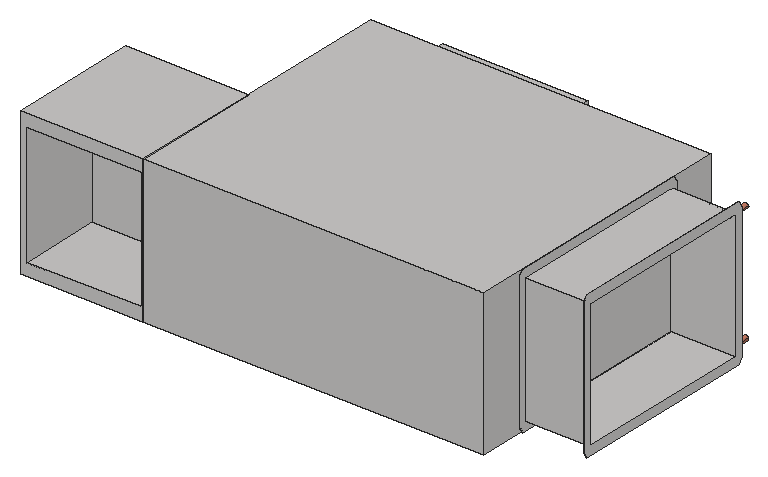
Revit family
Parameters
  Width = 3' - 3"
  Voltage = 277 V
  Unit Weight = if(Number of Rows = 1, "272.0 lbs", if(Number of Rows = 2, "277.0 lbs", "0"))  # "272.0 lbs"
  UltraLoc Liner = Choose Liner Option = 3  # no
  URL = "http://www.titus-hvac.com/"
  UL = "181"
  Supply Air Flow [instance] = 0 CFM
  SteriLoc Liner = Choose Liner Option = 2  # no
  Secondary Material = Copper Connectors
  Primary Air Pressure Drop [instance] = 0.00 in-wg
  Primary Air Flow [instance] = 0 CFM
  Pressure [instance] = 0.00 psi
  Plenum Air Pressure Drop [instance] = 0.00 in-wg
  Plenum Air Flow [instance] = 0 CFM
  Outlet Width = 2' - 1"
  Outlet Height = 1' - 5 1/2"
  Number of Rows = 1
  Number of Poles = 1
  Nominal Width = Width + 0' 6 1/4"  # 3' - 9 1/4"
  Nominal Length = Length + 1' 4 7/8" + 0' 9"  # 6' - 0 5/8"
  Nominal Inlet Size = 1' - 0"
  Nominal Height = 1' - 8"
  NFPA = "90A"
  Motor Full Load Amps [instance] = 4.5 A
  Model = "DTFS-F"
  Min. Air Flow = 0 CFM
  Max. Air Flow = 2000 CFM
  Material = Galvanized Steel
  Manufacturer = "Titus"
  Length = 3' - 10 3/4"
  Juction Box Offset = 0' - 4 7/8"
  Inlet Diameter = Nominal Inlet Size - 0' 0 1/8"  # 0' - 11 7/8"
  Induced Air Inlet Width = 1' - 4 7/8"
  Induced Air Inlet Offset = (Nominal Height - Induced Air Inlet Connection Height) / 2  # 0' - 1 11/16"
  Induced Air Inlet Height = 1' - 6 1/8"
  Induced Air Inlet Connection Width = 1' - 3 3/4"
  Induced Air Inlet Connection Height = 1' - 4 5/8"
  Induced Air Filter = no
  Heating Total Capacity [instance] = 0 Btu/h
  Heating Entering Water Temp = 0 °F
  Half Outlet Width = 1' - 0 1/2"
  Half Outlet Connection Width = Outlet Width / 2  # 1' - 0 1/2"
  Half Outlet Connection Height = Outlet Height / 2  # 0' - 8 3/4"
  Half Height Start = -(Nominal Height / 2)  # -0' - 10"
  Half Height End = Nominal Height / 2  # 0' - 10"
  HWC Option = HWC Section : D-E - 1 Row
  HWC Connector Radius = 5/16"
  HWC Connector Length = 0' - 3"
  HP-Motor = "3/4"
  Gallons Per Minute [instance] = 0 GPM
  Frequency = 60 Hz
  Flange Offset = 0' - 1 1/4"
  Filter Size = "18\"x17\""
  Fiber Free Liner = Choose Liner Option = 1  # no
  Fan Disconnect Switch = no
  Duct Radius = Nominal Inlet Size / 2  # 0' - 6"
  Description = "Ultra Quiet Series Fan Powered Terminal Unit, Direct Digital Control, Pressure Independent"
  Connector Vertical Offset = if(Number of Rows = 1, 1' 4 1/4", if(Number of Rows = 2, 1' 4 3/4", 0' 0"))  # 1' - 4 1/4"
  Connector Horizontal Offset = if(Number of Rows = 1, 0' 0", if(Number of Rows = 2, 0' 1", 0' 0"))  # 0' - 0"
  Connection Void Radius = Connection Radius - 0' 0 1/4"  # 0' - 5 11/16"
  Connection Radius = Inlet Diameter / 2  # 0' - 5 15/16"
  Choose Liner Option = 0
  CADworks URL = "www.CADworks.net"
  Assembly Code = "D3040100"
  Apparent Power [instance] = Voltage * Motor Full Load Amps  # 1246.5 VA
  Air Inlet Offset = 0' - 8"
  1/2" Fiberglass Liner = Choose Liner Option = 0  # yes
  1" Fiberglass Liner = Choose Liner Option = 4  # no
Reference planes (in)
  plane 1 "Center (Front/Back)": y = 0
  plane 2: z = 0
  plane 3 "Center (Left/Right)": x = 3
  plane 4: x = -20.375
  plane 5: x = 26.375
  plane 6: x = -15.5
  plane 7: x = -23.75
  plane 8 "Center (Elevation)": z = 0
  plane 9: y = -19.5
  plane 10: y = 19.5
  plane 11: y = 11.5
  plane 12: y = -8.25
  plane 13: z = 0.6875
  plane 14: z = -6.875
  plane 15: x = 35.375
  plane 16: x = 34.375
  plane 17: x = 34.375
  plane 18: y = 15.5
  plane 19: z = -8.125
  plane 20: z = 8.125
  plane 21: y = -12.5
  plane 22: y = 12.5
  plane 23: z = 10
  plane 24: z = -10
  plane 25: y = 25.75
  plane 26: x = -37.25
Forms (in)
  Extrusion 1, solid, material "Galvanized Steel" <- "Material"
    sketch origin (0, 0, 0) x (1, 0, 0) y (0, 1, 0)
      loop
        line (-20.375, 19.5) -> (-20.375, -19.5) -> (26.375, -19.5) -> (26.375, 19.5) -> (-20.375, 19.5)
    from -10 <- "Half Height Start" to 10 <- "Half Height End"
  Extrusion 2, solid, material "Galvanized Steel" <- "Material"
    sketch origin (0, 0, 0) x (1, 0, 0) y (0, 1, 0)
      loop
        line (-37.25, -1.375) -> (-37.25, -19.5) -> (-20.375, -19.5) -> (-20.375, -1.375) -> (-37.25, -1.375)
    from -10 <- "Half Height Start" to 10 <- "Half Height End"
  Extrusion 3, void, detail levels fine
    sketch origin (0, -19.5, 0) x (1, 0, 0) y (0, 0, -1)
      loop
        line (-20.625, 8.3125) -> (-36.375, 8.3125) -> (-36.375, -8.3125) -> (-20.625, -8.3125) -> (-20.625, 8.3125)
    from 0 to 11.25
  Extrusion 4, solid, material "Galvanized Steel" <- "Material"
    sketch origin (3.125, 0, 0) x (1, 0, 0) y (0, 1, 0)
      loop
        line (-18.625, 19.5) -> (1.375, 19.5) -> (1.375, 25.75) -> (-18.625, 25.75) -> (-18.625, 19.5)
    from -6 to 6
  Extrusion 5, solid, material "Galvanized Steel" <- "Material"
    sketch origin (-24.875, -3, 0) x (0, 0, -1) y (0, 1, 0)
      loop
        circle (0, 14.5) r 5.9375
    from 1.125 to 4.5
  Extrusion 6, void, detail levels fine
    sketch origin (-24.875, 0, 0) x (0, 1, 0) y (0, 0, 1)
      loop
        circle (11.5, 0) r 5.6875
    from 1.125 to 9.375
  Extrusion 7, void, detail levels fine
    sketch origin (35.375, -12.5, 8.75) x (0, 0, 1) y (0, -1, 0)
      loop
        line (-17.5, 0) -> (-17.5, -25) -> (0, -25) -> (0, 0) -> (-17.5, 0)
    from -0.0625 to 0
  Extrusion 8, solid, material "Copper Connectors" <- "Secondary Material", detail levels fine
    sketch origin (0, 0, 0) x (1, 0, 0) y (0, 0, 1)
      loop
        circle (34.375, 8.125) r 0.3125
    from -15.5 to -12.5625
  Extrusion 9, solid, material "Copper Connectors" <- "Secondary Material", detail levels fine
    sketch origin (0, 0, 0) x (1, 0, 0) y (0, 0, 1)
      loop
        circle (34.375, -8.125) r 0.3125
    from -15.5 to -12.5625
Cuts and joins
  Extrusion 3 cuts Extrusion 2
  Extrusion 6 cuts Extrusion 1
  Extrusion 6 cuts Extrusion 5
Dimensions and locks (in)
  "Length": plane 5 to plane 4
  equal spacing: plane 5, plane 3 "Center (Left/Right)", plane 4
  locked: Extrusion 4 to Extrusion 4 at 20
  "Juction Box Offset": plane 6 to plane 4
  locked: plane 4 to plane 7 at 3.375
  "Width": plane 9 to plane 10
  equal spacing: plane 9, plane 1 "Center (Front/Back)", plane 10
  locked: Extrusion 5 sketch curve to level at 0
  locked: Extrusion 5 sketch curve to plane 11 at 0
  locked: Extrusion 6 sketch curve to level at 0
  locked: Extrusion 6 sketch curve to plane 11 at 0
  locked: Extrusion 4 to Extrusion 4 at 6.25
  locked: Extrusion 4 to Extrusion 4 at 12
  equal spacing: Extrusion 4, plane 8 "Center (Elevation)", Extrusion 4
  locked: plane 12 to plane 9 at 11.25
  "Air Inlet Offset": plane 10 to plane 11
  "Induced Air Inlet Height": cut or joined group of Extrusion 2, Extrusion 3 to cut or joined group of Extrusion 2, Extrusion 3
  locked: cut or joined group of Extrusion 5, Extrusion 6 to cut or joined group of Extrusion 5, Extrusion 6 at 3.375
  locked: plane 12 to plane 12 at 0
  "Induced Air Inlet Connection Height": Extrusion 3 sketch curve to Extrusion 3 sketch curve
  "Induced Air Inlet Offset": Extrusion 3 sketch curve to cut or joined group of Extrusion 2, Extrusion 3
  "Induced Air Inlet Connection Width": Extrusion 3 sketch curve to Extrusion 3 sketch curve
  locked: Extrusion 3 sketch curve to cut or joined group of Extrusion 1, Extrusion 6 at 0.25
  "Connector Vertical Offset": plane 20 to plane 19
  equal spacing: plane 20, plane 8 "Center (Elevation)", plane 19
  locked: plane 15 to plane 5 at 9
  locked: plane 15 to plane 16 at 1
  "Connector Horizontal Offset": plane 16 to plane 17
  locked: Extrusion 8 sketch curve to plane 17 at 0
  locked: Extrusion 8 sketch curve to plane 20 at 0
  locked: Extrusion 9 sketch curve to plane 16 at 0
  locked: Extrusion 9 sketch curve to plane 19 at 0
  "HWC Connector Length": plane 18 to plane 22
  locked: cut or joined group of Extrusion 1, Extrusion 6 to Extrusion 7 at 9
  locked: cut or joined group of Extrusion 2, Extrusion 3 to cut or joined group of Extrusion 2, Extrusion 3 at 16.875
  locked: cut or joined group of Extrusion 2, Extrusion 3 to cut or joined group of Extrusion 2, Extrusion 3 at 20
  equal spacing: cut or joined group of Extrusion 2, Extrusion 3, plane 8 "Center (Elevation)", cut or joined group of Extrusion 2, Extrusion 3
  locked: cut or joined group of Extrusion 1, Extrusion 6 to cut or joined group of Extrusion 1, Extrusion 6 at 20
  equal spacing: cut or joined group of Extrusion 1, Extrusion 6, plane 8 "Center (Elevation)", cut or joined group of Extrusion 1, Extrusion 6
  locked: nested 1 to cut or joined group of Extrusion 1, Extrusion 6 at 1.1875
  locked: cut or joined group of Extrusion 1, Extrusion 6 to nested 1 at 1.1875
  "Connection Radius": radius of Extrusion 5 sketch curve
  "Connection Void Radius": radius of Extrusion 6 sketch curve
  "HWC Connector Radius": radius of Extrusion 8 sketch curve
  "HWC Connector Radius": radius of Extrusion 9 sketch curve
  aligned and locked: plane 10 to Extrusion 4
  aligned and locked: plane 6 to Extrusion 4
  aligned and locked: plane 7 to cut or joined group of Extrusion 5, Extrusion 6
  aligned and locked: plane 18 to Extrusion 8
  aligned and locked: plane 18 to Extrusion 9
  aligned and locked: plane 9 to cut or joined group of Extrusion 2, Extrusion 3  (x3)
  aligned and locked: plane 5 to nested 1
  aligned and locked: plane 15 to nested 1
  aligned and locked: plane 18 to nested 1  (x2)
  aligned and locked: plane 21 to nested 1
  aligned and locked: plane 22 to nested 1
  aligned and locked: plane 5 to cut or joined group of Extrusion 1, Extrusion 6
  aligned and locked: cut or joined group of Extrusion 1, Extrusion 6 to nested 1
  aligned and locked: cut or joined group of Extrusion 1, Extrusion 6 to plane 10
  aligned and locked: Extrusion 4 to cut or joined group of Extrusion 1, Extrusion 6  (x2)
  aligned and locked: cut or joined group of Extrusion 1, Extrusion 6 to plane 4
  aligned and locked: plane 9 to cut or joined group of Extrusion 1, Extrusion 6
  aligned and locked: cut or joined group of Extrusion 5, Extrusion 6 to cut or joined group of Extrusion 1, Extrusion 6
  aligned and locked: nested 1 to cut or joined group of Extrusion 1, Extrusion 6
  aligned and locked: plane 6 to Extrusion 6
  aligned and locked: Extrusion 6 to plane 7
  aligned and locked: Extrusion 3 to plane 12
  aligned and locked: plane 25 to Extrusion 4
  aligned and locked: plane 26 to cut or joined group of Extrusion 2, Extrusion 3
  aligned and locked: plane 23 to cut or joined group of Extrusion 2, Extrusion 3
  aligned and locked: plane 24 to cut or joined group of Extrusion 2, Extrusion 3
  aligned and locked: plane 24 to cut or joined group of Extrusion 1, Extrusion 6
  aligned and locked: plane 23 to cut or joined group of Extrusion 1, Extrusion 6
Automatic sketch dimensions
  Extrusion 1 sketch curve to plane 4 = 0' - 0"
  Extrusion 1 sketch curve to plane 5 = 0' - 0"
  Extrusion 1 sketch curve to plane 9 = 0' - 0"
  Extrusion 1 sketch curve to plane 10 = 0' - 0"
  Extrusion 2 sketch curve to plane 4 = 0' - 0"
  Extrusion 2 sketch curve to plane 9 = 0' - 0"
  plane 1 "Center (Front/Back)" to Extrusion 2 sketch curve = 0' - 1 3/8"
  Extrusion 4 sketch curve to plane 6 = 0' - 0"
  Extrusion 4 sketch curve to plane 10 = 0' - 0"
  plane 3 "Center (Left/Right)" to Extrusion 4 sketch curve = 0' - 1 1/2"
  Extrusion 4 sketch curve to plane 10 = 0' - 6 1/4"
  Extrusion 2 sketch curve to plane 7 = 1' - 1 1/2"
  Extrusion 7 sketch curve to nested 1 = 0' - 0"  (x4)
Nested families (in)
  nested 1: "HWC Section" at (30.875, 0, 0) x (0, 1, 0) z (0, 0, 1), type <- "HWC Option", type "D-E - 1 Row"
Connectors (in)
  electrical at (-5.5, 25.75, 0), driven by "Apparent Power", driven by "Voltage", driven by "Number of Poles"
    settings: on Extrusion 4, index 8
  hvac at (-23.75, 11.5, 0), driven by "Duct Radius", driven by "Primary Air Pressure Drop", driven by "Primary Air Flow"
    settings: on cut or joined group of Extrusion 5, Extrusion 6, index 9
  hvac at (-28.5, -19.5, 0), driven by "Induced Air Inlet Connection Height", driven by "Induced Air Inlet Connection Width", driven by "Plenum Air Pressure Drop", driven by "Plenum Air Flow"
    settings: on cut or joined group of Extrusion 2, Extrusion 3, index 11
  hvac at (35.375, 0, 0), driven by "Outlet Height", driven by "Outlet Width", driven by "Supply Air Flow"
    settings: on Extrusion 7, index 12
  piping at (34.375, 15.5, 8.125), driven by "Gallons Per Minute", driven by "Pressure", driven by "HWC Connector Radius"
    settings: on Extrusion 8, index 13
  piping at (34.375, 15.5, -8.125), driven by "Gallons Per Minute", driven by "HWC Connector Radius", driven by "Pressure"
    settings: on Extrusion 9, index 14
Definition of nested family "HWC Section"
  Parameters (values of type "B-C - 1 Row")
    Visibility = yes
    Secondary Material = Copper Connectors
    Number of Rows = 1
    Material = Galvanized Steel
    Half Width = HWC Width / 2  # 0' - 10 1/4"
    Half Length-Start = -(HWC Length / 2)  # -0' - 4 1/2"
    Half Length-End = HWC Length / 2  # 0' - 4 1/2"
    HWC Connection Radius = 5/16"
    Flange Offset = 0' - 1"
    Duct Vertical Offset = HWC Height - 0' 0 1/2"  # 1' - 0"
    Duct Horizontal Offset = HWC Width - 0' 0 1/2"  # 1' - 8"
    Connector Vertical Offset = 0' - 11 3/4"
    HWC Width = 1' - 8 1/2"
    HWC Height = 1' - 0 1/2"
    HWC Length = 0' - 9"  # constant formula
    Gallons Per Minute = 0 GPM
    Connector Length = 0' - 3"
    Connector Horizontal Offset = 0' - 0"
  Types (5): name | Number of Rows | Half Width | Flange Offset | Duct Vertical Offset | Duct Horizontal Offset | Connector Vertical Offset | HWC Width | HWC Height | Connector Horizontal Offset
    (no name) | 1 | 0' - 10 1/4" | 0' - 1" | 1' - 0" | 1' - 8" | 0' - 11 3/4" | 1' - 8 1/2" | 1' - 0 1/2" | 0' - 0"
    B-C - 1 Row | 1 | 0' - 10 1/4" | 0' - 1" | 1' - 0" | 1' - 8" | 0' - 11 3/4" | 1' - 8 1/2" | 1' - 0 1/2" | 0' - 0"
    B-C - 2 Row | 2 | 0' - 10 1/4" | 0' - 1" | 1' - 0" | 1' - 8" | 0' - 11 3/4" | 1' - 8 1/2" | 1' - 0 1/2" | 0' - 1"
    D-E - 1 Row | 1 | 1' - 0 1/2" | 0' - 1 1/4" | 1' - 5" | 2' - 0 1/2" | 1' - 4 1/4" | 2' - 1" | 1' - 5 1/2" | 0' - 0"
    D-E - 2 Row | 2 | 1' - 0 1/2" | 0' - 1 1/4" | 1' - 5" | 2' - 0 1/2" | 1' - 4 3/4" | 2' - 1" | 1' - 5 1/2" | 0' - 1"
  Reference planes (in)
    plane 1 "Center (Front/Back)": y = 0
    plane 2: z = 0
    plane 3 "Center (Left/Right)": x = 0
    plane 4: x = -10.25
    plane 5: x = 10.25
    plane 6: y = 4.5
    plane 7: y = -4.5
    plane 8: z = 6.25
    plane 9: z = -6.25
    plane 10: z = 5.875
    plane 11: z = -5.875
    plane 12: y = 3.5
    plane 13: y = 3.5
    plane 14: x = 13.25
  Forms (in)
    Extrusion 1, solid, material "Galvanized Steel" <- "Material", visible <- "Visibility"
      sketch origin (0, 0, 0) x (1, 0, 0) y (0, 0, 1)
        loop
          line (-10.3125, 6.3125) -> (-10.3125, -6.3125) -> (10.3125, -6.3125) -> (10.3125, 6.3125) -> (-10.3125, 6.3125)
      from -4.375 <- "Half Length-Start" to 4.5 <- "Half Length-End"
    Extrusion 2, void, detail levels fine
      sketch origin (0, 0, 0) x (1, 0, 0) y (0, 0, 1)
        loop
          line (-10.25, -6.25) -> (10.25, -6.25) -> (10.25, 6.25) -> (-10.25, 6.25) -> (-10.25, -6.25)
      from -4.5 <- "Half Length-Start" to 4.5 <- "Half Length-End"
    Extrusion 3, solid, material "Copper Connectors" <- "Secondary Material", visible <- "Visibility"
      sketch origin (6, 2.625, 0) x (0, 1, 0) y (0, 0, 1)
        loop
          circle (0.875, -5.875) r 0.3125
      from 4.3125 to 7.25
    Extrusion 4, solid, material "Galvanized Steel" <- "Material", visible <- "Visibility"
      sketch origin (0, -4.375, 0) x (1, 0, 0) y (0, 0, 1)
        loop
          line (-10.25, 6.25) -> (-10.25, -6.25) -> (10.25, -6.25) -> (10.25, 6.25) -> (-10.25, 6.25)
        loop
          line (-11.25, 6.75) -> (-11.25, -6.75) -> (-10.75, -7.25) -> (10.75, -7.25) -> (11.25, -6.75) -> (11.25, 6.75) -> (10.75, 7.25) -> (-10.75, 7.25) -> (-11.25, 6.75)
      from 0 to 0.125
    Extrusion 5, solid, material "Copper Connectors" <- "Secondary Material", visible <- "Visibility"
      sketch origin (6, -0.5, 0) x (0, 1, 0) y (0, 0, 1)
        loop
          circle (4, 5.875) r 0.3125
      from 4.3125 to 7.25
    Extrusion 6, solid, material "Galvanized Steel" <- "Material", visible <- "Visibility"
      sketch origin (0, 4.375, 0) x (1, 0, 0) y (0, 0, -1)
        loop
          line (-10.25, -6.25) -> (10.25, -6.25) -> (10.25, 6.25) -> (-10.25, 6.25) -> (-10.25, -6.25)
        loop
          line (-11.25, -6.75) -> (-10.75, -7.25) -> (10.75, -7.25) -> (11.25, -6.75) -> (11.25, 6.75) -> (10.75, 7.25) -> (-10.75, 7.25) -> (-11.25, 6.75) -> (-11.25, -6.75)
      from 0 to 0.125
  Cuts and joins
    Extrusion 2 cuts Extrusion 1
    joined: Extrusion 1, Extrusion 4, Extrusion 6
  Dimensions and locks (in)
    "HWC Width": plane 4 to plane 5
    equal spacing: plane 4, plane 3 "Center (Left/Right)", plane 5
    "HWC Height": plane 8 to plane 9
    equal spacing: plane 8, plane 2, plane 9
    equal spacing: plane 10, plane 2, plane 11
    locked: plane 12 to plane 6 at 1
    "Connector Horizontal Offset": plane 13 to plane 12
    locked: plane 7 to Extrusion 4 at 0.125
    locked: Extrusion 6 to plane 6 at 0.125
    locked: plane 4 to Extrusion 1 sketch curve at 0.0625
    locked: Extrusion 4 to Extrusion 1 sketch curve at 0.0625
    locked: Extrusion 1 sketch curve to plane 8 at 0.0625
    locked: plane 9 to Extrusion 1 sketch curve at 0.0625
    "Connector Length": plane 5 to plane 14
    "HWC Length": plane 6 to plane 7
    equal spacing: plane 6, plane 1 "Center (Front/Back)", plane 7
    "Connector Vertical Offset": plane 10 to plane 11
    equal spacing: plane 10, level, plane 11
    "HWC Width": Extrusion 4 sketch curve to Extrusion 4 sketch curve
    equal spacing: Extrusion 4 sketch curve, plane 3 "Center (Left/Right)", Extrusion 4 sketch curve
    "HWC Height": Extrusion 4 sketch curve to Extrusion 4 sketch curve
    equal spacing: Extrusion 4 sketch curve, plane 2, Extrusion 4 sketch curve
    locked: cut or joined group of Extrusion 1, Extrusion 2, Extrusion 4, Extrusion 6 to plane 4 at 1  (x2)
    locked: cut or joined group of Extrusion 1, Extrusion 2, Extrusion 4, Extrusion 6 to plane 5 at 1  (x2)
    "HWC Width": Extrusion 6 sketch curve to Extrusion 6 sketch curve
    "HWC Height": Extrusion 6 sketch curve to Extrusion 6 sketch curve
    equal spacing: Extrusion 6 sketch curve, plane 3 "Center (Left/Right)", Extrusion 6 sketch curve
    equal spacing: Extrusion 6 sketch curve, plane 2, Extrusion 6 sketch curve
    "HWC Height": Extrusion 2 sketch curve to Extrusion 2 sketch curve
    "HWC Width": Extrusion 2 sketch curve to Extrusion 2 sketch curve
    equal spacing: Extrusion 2 sketch curve, plane 3 "Center (Left/Right)", Extrusion 2 sketch curve
    equal spacing: Extrusion 2 sketch curve, plane 2, Extrusion 2 sketch curve
    locked: plane 5 to Extrusion 3 at 0.0625
    locked: plane 5 to Extrusion 5 at 0.0625
    "Flange Offset": cut or joined group of Extrusion 1, Extrusion 2, Extrusion 4, Extrusion 6 to plane 8
    "Flange Offset": plane 9 to cut or joined group of Extrusion 1, Extrusion 2, Extrusion 4, Extrusion 6
    "Flange Offset": plane 8 to cut or joined group of Extrusion 1, Extrusion 2, Extrusion 4, Extrusion 6
    "Flange Offset": cut or joined group of Extrusion 1, Extrusion 2, Extrusion 4, Extrusion 6 to plane 9
    "HWC Connection Radius": radius of Extrusion 3 sketch curve
    "HWC Connection Radius": radius of Extrusion 5 sketch curve
    aligned and locked: plane 7 to Extrusion 4
    aligned and locked: plane 6 to Extrusion 6
    aligned and locked: plane 14 to Extrusion 5
    aligned and locked: plane 14 to Extrusion 3
    aligned and locked: Extrusion 6 to cut or joined group of Extrusion 1, Extrusion 2, Extrusion 4, Extrusion 6
    aligned and locked: Extrusion 4 to Extrusion 4
  Automatic sketch dimensions
    Extrusion 3 sketch curve to plane 11 = 0' - 0"
    Extrusion 3 sketch curve to plane 12 = 0' - 0"
    Extrusion 5 sketch curve to plane 10 = 0' - 0"
    Extrusion 5 sketch curve to plane 13 = 0' - 0"
    plane 4 to Extrusion 6 sketch curve = 0' - 1"
    plane 4 to Extrusion 6 sketch curve = 0' - 0 1/2"  (x2)
    Extrusion 6 sketch curve to plane 5 = 0' - 0 1/2"  (x2)
    Extrusion 6 sketch curve to Extrusion 6 sketch curve = 0' - 0 1/2"  (x3)
    plane 8 to Extrusion 6 sketch curve = 0' - 0 1/2"  (x2)
    Extrusion 6 sketch curve to plane 9 = 0' - 0 1/2"  (x2)
    plane 4 to Extrusion 4 sketch curve = 0' - 0 1/2"  (x2)
    Extrusion 4 sketch curve to Extrusion 4 sketch curve = 0' - 0 1/2"  (x4)
    Extrusion 4 sketch curve to plane 5 = 0' - 0 1/2"  (x2)
    Extrusion 4 sketch curve to plane 9 = 0' - 0 1/2"  (x2)
    plane 8 to Extrusion 4 sketch curve = 0' - 0 1/2"  (x2)
